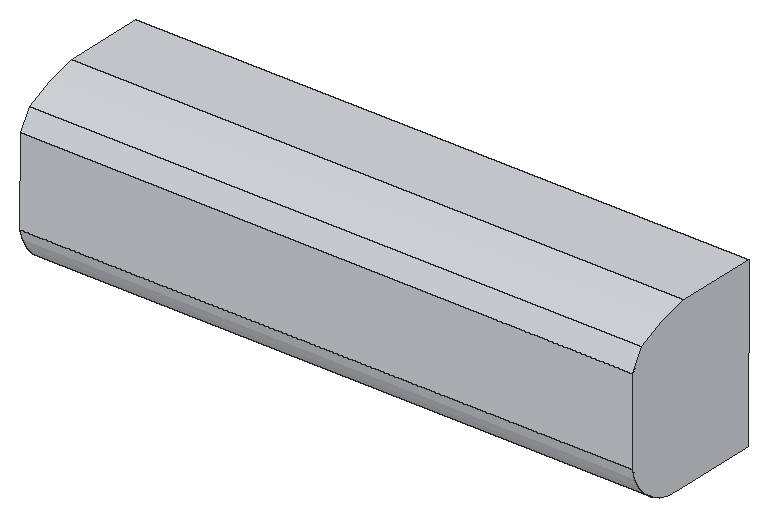
Revit family "Hitachi_RAS-E70_E80YHA_0718", category Mechanical Equipment, Revit 2015
Parameters (values of type "RAS-E70YHA")
  Width = 1100 mm  # constant formula
  Weight (kg) = 15
  URL = "www.temperzone.biz"
  Pipe Length (min./max.) = "3m to 30m"
  Pipe Height (max.) = "20m"
  Pipe Connection Size - Gas = 15.8 mm  # 15.80 mm
  Pip Connection Size - Liquid = 6.4 mm  # 6.40 mm
  Model - Outdoor = "RAC-E70YHA"
  Model = "RAS-E70YHA"
  Manufacturer = "Hitachi"  # constant formula
  Height = 300 mm  # constant formula
  Heating Range (kW) = "1.5 kW to 8.5 kW"
  Heating Capacity = 8 kW
  Description = "Hitachi Wall Mounted 7.0kW Heatpump RAS-E70YHA"
  Depth = 260 mm  # constant formula
  Cooling Range (kW) = "1.5 kW to 8.0 kW"
  Cooling Capacity = 7 kW
Types (2, lengths in mm): name | Model - Outdoor | Model | Heating Range (kW) | Heating Capacity | Description | Cooling Range (kW) | Cooling Capacity
  RAS-E80YHA | "RAC-E80YHA" | "RAS-E80YHA" | "1.5 kW to 9.5 kW" | 9 kW | "Hitachi Wall Mounted 8.0kW Heatpump RAS-E80YHA" | "1.5 kW to 8.5 kW" | 8 kW
  RAS-E70YHA | "RAC-E70YHA" | "RAS-E70YHA" | "1.5 kW to 8.5 kW" | 8 kW | "Hitachi Wall Mounted 7.0kW Heatpump RAS-E70YHA" | "1.5 kW to 8.0 kW" | 7 kW
Reference planes
  plane 1 "Center (Front/Back)": y = 0
  plane 2: z = 0
  plane 3 "Center (Left/Right)": x = 0
  plane 4: x = -550
  plane 5: x = 550
  plane 6: z = 300
  plane 7: y = -260
Forms (mm)
  Extrusion 1, solid
    sketch origin (0, 0, 0) x (0, 1, 0) y (0, 0, 1)
      loop
        line (0, 300) -> (-145, 300)
        arc (-145, 300) -> (-193.283, 285.241) -> (-239.552, 265.036) r 439.047
        arc (-239.552, 265.036) -> (-250.521, 248.993) -> (-260, 232.026) r 215.433
        line (-260, 232.026) -> (-260, 77.026)
        arc (-260, 77.026) -> (-225.223, 19.931) -> (-161.411, 0) r 94.765
        line (-161.411, 0) -> (0, 0) -> (0, 300)
    from -550 to 550
Dimensions and locks
  equal spacing: plane 4, plane 3 "Center (Left/Right)", plane 5
  "Width": plane 4 to plane 5
  "Depth": plane 7 to plane 1 "Center (Front/Back)"
  "Height": plane 6 to plane 2
  aligned and locked: level to plane 2
  aligned and locked: plane 5 to Extrusion 1
  aligned and locked: Extrusion 1 to plane 4
Automatic sketch dimensions
  Extrusion 1 sketch curve to plane 7 = 0 mm
  Extrusion 1 sketch curve to level = 0 mm
  Extrusion 1 sketch curve to plane 6 = 0 mm
  level to Extrusion 1 sketch curve = 77.026 mm
  Extrusion 1 sketch curve to plane 1 "Center (Front/Back)" = 0 mm
  plane 7 to Extrusion 1 sketch curve = 98.589 mm
  plane 7 to Extrusion 1 sketch curve = 115 mm
  plane 7 to Extrusion 1 sketch curve = 20.448 mm
  plane 7 to Extrusion 1 sketch curve = 93.12 mm
  plane 1 "Center (Front/Back)" to Extrusion 1 sketch curve = 67.379 mm
  plane 1 "Center (Front/Back)" to Extrusion 1 sketch curve = 41.007 mm
  Extrusion 1 sketch curve to Extrusion 1 sketch curve = 67.974 mm
  Extrusion 1 sketch curve to level = 126.553 mm
